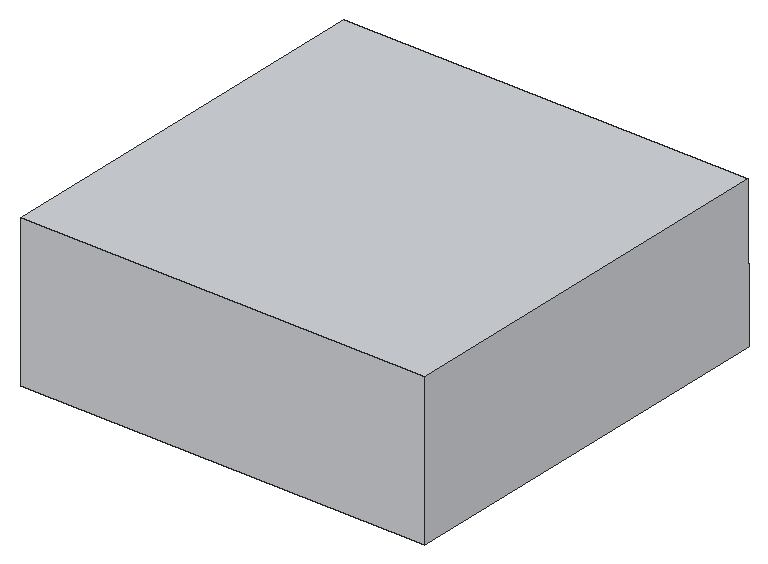
Revit family "pinhead", category Allgemeines Modell, Revit 2018
Family settings
  Kann Basisbauteil für Bewehrung sein = Nein
  Bemaßung runder Anschluss = Durchmesser verwenden
  Teiletyp = Normal
  Arbeitsebenenbasiert = Ja
  Immer vertikal = Ja
  Beim Laden mit Abzugskörper schneiden = Ja
  Gemeinsam genutzt = Nein
  Raumberechnungspunkt = Nein
Parameters (values of type "70x70")
  Default Elevation = 1219.2 mm
  Tragendes Material [instance] = none
  Schnittlinie = 3000 mm
  Kopftiefe = 700 mm
  Kopfhoehe = 260 mm
  Kopfbreite = 700 mm
  KT_ = Kopftiefe / 2  # 350 mm
  KB_ = Kopfbreite / 2  # 350 mm
  H_ = Kopfhoehe / 2  # 130 mm
  Geschossdecke_Staerke = 260 mm
  G_ = Geschossdecke_Staerke / 2  # 130 mm
Types (3, lengths in mm): name | Kopftiefe | Kopfhoehe | Kopfbreite | KT_ | KB_ | H_
  70x70 | 700 | 260 | 700 | 350 | 350 | 130
  60x60 | 600 | 250 | 600 | 300 | 300 | 125
  STB 26.0 70x70 | 700 | 260 | 700 | 350 | 350 | 130
Reference planes
  plane 1 "Mitte (Vorne/hinten)": y = 0
  plane 2: z = 0
  plane 3 "Mitte (Links/rechts)": x = 0
  plane 4: y = 350
  plane 5: x = -350
  plane 6: y = -350
  plane 7: x = 350
  plane 8: z = -3000
  plane 9 "UKRD": z = -130
  plane 10 "OKRD": z = 130
  plane 11 "UKTSK": z = -390
Forms (mm)
  Extrusion 1, solid, material <- "Tragendes Material", detail levels coarse
    sketch origin (0, 0, -390) x (1, 0, 0) y (0, 1, 0)
      loop
        line (-350, 350) -> (-350, -350) -> (350, -350) -> (350, 350) -> (-350, 350)
    from 0 to 260 <- "Kopfhoehe"
  Extrusion 2, solid, material <- "Tragendes Material", detail levels medium+fine
    sketch origin (0, 0, -390) x (1, 0, 0) y (0, 1, 0)
      loop
        line (-350, 350) -> (-350, -350) -> (350, -350) -> (350, 350) -> (-350, 350)
    from 0 to 260 <- "Kopfhoehe"
Lines and regions (mm)
  symbolic lines
    curve 1: line (-350, 350, 0) -> (350, 350, 0)
    curve 2: line (-350, -350, 0) -> (-350, 350, 0)
    curve 3: line (350, -350, 0) -> (-350, -350, 0)
    curve 4: line (350, 350, 0) -> (350, -350, 0)
  model lines
    curve 5: line (0, 0, -3000) -> (0, 0, 0)
Dimensions and locks
  "KB_": plane 5 to plane 3 "Mitte (Links/rechts)"
  "Kopfbreite": plane 5 to plane 7
  "KT_": plane 4 to plane 1 "Mitte (Vorne/hinten)"
  "Kopftiefe": plane 4 to plane 6
  "Schnittlinie": plane 8 to level
  "Geschossdecke_Staerke": plane 9 "UKRD" to plane 10 "OKRD"
  "G_": plane 9 "UKRD" to level
  "Kopfhoehe": plane 11 "UKTSK" to plane 9 "UKRD"
  aligned and locked: level to plane 2
  aligned and locked: Extrusion 1 sketch curve to plane 4
  aligned and locked: plane 5 to Extrusion 1 sketch curve
  aligned and locked: Extrusion 1 sketch curve to plane 7
  aligned and locked: Extrusion 2 sketch curve to plane 4
  aligned and locked: Extrusion 2 sketch curve to plane 7
  aligned and locked: plane 5 to Extrusion 2 sketch curve
  aligned and locked: plane 6 to Extrusion 2 sketch curve
  aligned and locked: curve 1 to Extrusion 1
  aligned and locked: curve 2 to Extrusion 1
  aligned and locked: curve 3 to Extrusion 1
  aligned and locked: curve 4 to Extrusion 1
  aligned and locked: level to curve 5
  aligned and locked: plane 8 to curve 5
  aligned and locked: curve 5 to plane 3 "Mitte (Links/rechts)"
Automatic sketch dimensions
  Extrusion 1 sketch curve to plane 6 = 0 mm
